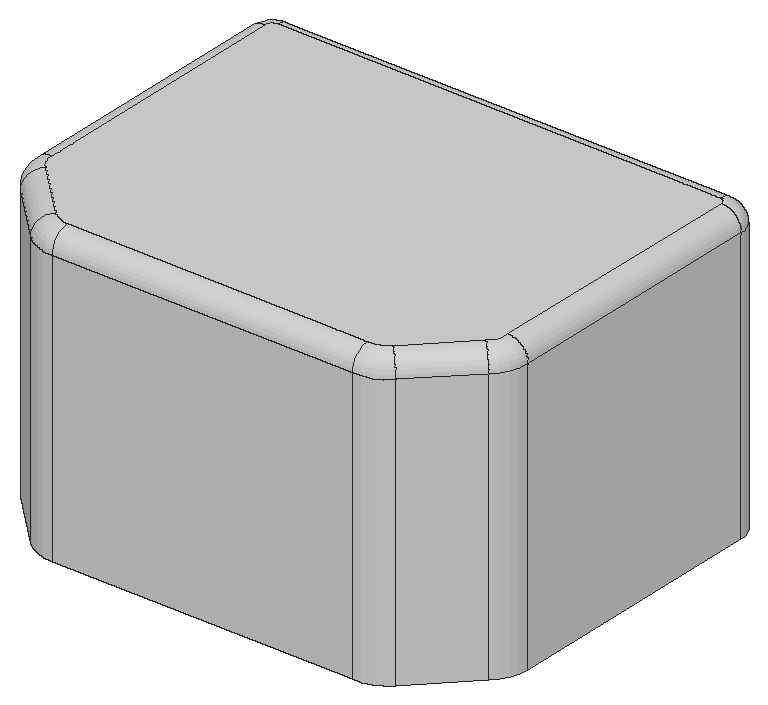
Revit family "NBS_Allermuir_OffcChrs_HavenBench_90ThreeWayUnit", category Furniture, Revit 2018
Family settings
  Work Plane-Based = No
  Always vertical = Yes
  Cut with Voids When Loaded = No
  Shared = No
  Room Calculation Point = No
Parameters
  WarrantyStartDate [instance] = "1900-12-31T23:59:59"
  WarrantyGuarantorParts = "sales@allermuir.com"
  WarrantyGuarantorLabor = "n/a"
  WarrantyDurationUnit = "year"
  WarrantyDurationParts = "5"
  WarrantyDurationLabor = "n/a"
  WarrantyDescription = "Allermuir warrant that its manufactured products are free from manufacturing defects - in materials or workmanship - for a period of five (5) years. , Allermuir will repair, or replace (at Allermuir's sole discretion) with comparable free of charge materials / components, any product / component which fails under normal use in a single shift environment, as a result of a defect in the materials and/ or workmanship"
  Version = "1"  # constant formula
  Usage = "Can be used individually or linked with others within the range"
  Uniclass2015Version = "Products v1.15"
  Uniclass2015Title = "Office chairs"
  Uniclass2015Code = "Pr_40_50_12_57"
  TagNumber [instance] = "n/a"
  SustainabilityPerformance = "n/a"
  Style = "Corner unit"
  Status = "UNSET"
  Size = "660 x 450 x 760 mm"
  Shape = "n/a"
  SerialNumber [instance] = "n/a"
  Revision = "n/a"
  ReplacementCost = "n/a"
  Reference = "n/a"
  ProductInformation = "https://www.allermuir.com/products/sofas/haven"
  NominalWidth = 0 mm
  NominalLength = 760 mm
  NominalHeight = 450 mm
  NominalDepth = 660 mm
  Name = "OfficeChairs_HAB3WC90_Haven_Allermuir"
  NBSReference = "45-35-20/330"
  NBSDescription = "Office chairs"
  NBSCertification = "www.nationalbimlibrary.com/cert/tp3flcvf"
  ModelReference = "Haven_Bench"
  ModelNumber = "HAB3WC90"
  Material = "n/a"
  ManufacturerURL = "www.allermuir.co.uk"
  ManufacturerName = "Allermuir"  # constant formula
  Manufacturer = "sales@allermuir.com"
  MainColor = "n/a"
  IsBuiltIn = no
  InstallationDate [instance] = "1900-12-31T23:59:59"
  IfcExportType = "BENCH"  # constant formula
  IfcExportAs = "IfcFurnitureType"  # constant formula
  Grade = "n/a"
  Finish = "Fully uplholstered"
  FeetMaterial = NBS_Allermuir_Plastic_Black
  Features = "Traditional carcass construction, Fully upholstered bench with quilted detail, Plastic glides, Linking device"
  ExpectedLife = "10"
  DurationUnit = "year"
  Description = "90° three way corner unit"
  Constituents = "n/a"
  Color = "n/a"
  CodePerformance = "n/a"
  Category = "Pr_40_50_12_57:Office chairs"
  BenchMaterial = NBS_Allermuir_Fabric
  BarCode [instance] = "n/a"
  BIMObjectName = "NBS_Allermuir_OfficeChairs_Haven_Bench_HAB3WC90"
  Author = "NBS"  # constant formula
  AssetType = "Movable"
  AssetIdentifier [instance] = "n/a"
  AccessibilityPerformance = "n/a"
Reference planes
  plane 1 "Center (Front/Back)": y = 0
  plane 2: z = 0
  plane 3 "Center (Left/Right)": x = 0
  plane 4 "Left": x = -380
  plane 5 "Right": x = 380
  plane 6 "Back": y = 273.827
  plane 7 "Front": y = -325
  plane 8 "Top": z = 480
Forms (mm)
  Extrusion 1, solid, material "NBS_Allermuir_Fabric" <- "BenchMaterial", detail levels medium+fine
    sketch origin (0, 0, 0) x (1, 0, 0) y (0, 1, 0)
      loop
        line (-380, 233.827) -> (-380, -175.563)
        arc (-380, -175.563) -> (-374.672, -202.351) -> (-359.497, -225.06) r 70
        line (-359.497, -225.06) -> (-280.06, -304.497)
        arc (-280.06, -304.497) -> (-257.351, -319.672) -> (-230.563, -325) r 70
        line (-230.563, -325) -> (230.563, -325)
        arc (230.563, -325) -> (257.351, -319.672) -> (280.06, -304.497) r 70
        line (280.06, -304.497) -> (359.497, -225.06)
        arc (359.497, -225.06) -> (374.672, -202.351) -> (380, -175.563) r 70
        line (380, -175.563) -> (380, 233.827)
        arc (380, 233.827) -> (368.284, 262.111) -> (340, 273.827) r 40
        line (340, 273.827) -> (-340, 273.827)
        arc (-340, 273.827) -> (-368.284, 262.111) -> (-380, 233.827) r 40
    from 29 to 480
  Sweep 2, void
    path in 3D
      loop
        arc (230.563, -325, 480) -> (257.351, -319.672, 480) -> (280.06, -304.497, 480) r 70
        line (280.06, -304.497, 480) -> (359.497, -225.06, 480)
        arc (359.497, -225.06, 480) -> (374.672, -202.351, 480) -> (380, -175.563, 480) r 70
        line (380, -175.563, 480) -> (380, 233.827, 480)
        arc (380, 233.827, 480) -> (368.284, 262.111, 480) -> (340, 273.827, 480) r 40
        line (340, 273.827, 480) -> (-340, 273.827, 480)
        arc (-340, 273.827, 480) -> (-368.284, 262.111, 480) -> (-380, 233.827, 480) r 40
        line (-380, 233.827, 480) -> (-380, -175.563, 480)
        arc (-380, -175.563, 480) -> (-374.672, -202.351, 480) -> (-359.497, -225.06, 480) r 70
        line (-359.497, -225.06, 480) -> (-280.06, -304.497, 480)
        arc (-280.06, -304.497, 480) -> (-257.351, -319.672, 480) -> (-230.563, -325, 480) r 70
        line (-230.563, -325, 480) -> (230.563, -325, 480)
    profile origin (0, -325, 480) x (0, 1, 0) y (0, 0, 1)
      loop
        line (30, 0) -> (0, 0) -> (0, -30)
        arc (0, -30) -> (8.787, -8.787) -> (30, 0) r 30
  Extrusion 3, solid, material "NBS_Allermuir_Fabric" <- "BenchMaterial", detail levels coarse
    sketch origin (0, 0, 0) x (1, 0, 0) y (0, 1, 0)
      loop
        line (-380, 325) -> (-380, -202.487)
        arc (-380, -202.487) -> (-379.619, -204.4) -> (-378.536, -206.022) r 5
        line (-378.536, -206.022) -> (-261.022, -323.536)
        arc (-261.022, -323.536) -> (-259.4, -324.619) -> (-257.487, -325) r 5
        line (-257.487, -325) -> (257.487, -325)
        arc (257.487, -325) -> (259.4, -324.619) -> (261.022, -323.536) r 5
        line (261.022, -323.536) -> (378.536, -206.022)
        arc (378.536, -206.022) -> (379.619, -204.4) -> (380, -202.487) r 5
        line (380, -202.487) -> (380, 325) -> (-380, 325)
    from 0 to 480
  Extrusion 4, solid, material "NBS_Allermuir_Plastic_Black" <- "FeetMaterial", detail levels medium+fine
    sketch origin (0, 0, 0) x (1, 0, 0) y (0, 1, 0)
      loop
        line (-341.826, 253.827) -> (-341.826, 191.941) -> (-280.288, 191.941) -> (-280.288, 253.827) -> (-341.826, 253.827)
      loop
        line (341.826, 253.827) -> (280.288, 253.827) -> (280.288, 191.941) -> (341.826, 191.941) -> (341.826, 253.827)
      loop
        line (-258.356, -248.077) -> (-214.842, -204.564) -> (-258.602, -160.804) -> (-302.115, -204.318) -> (-258.356, -248.077)
      loop
        line (258.356, -248.077) -> (302.115, -204.318) -> (258.602, -160.804) -> (214.842, -204.564) -> (258.356, -248.077)
    from 0 to 29
Cuts and joins
  Sweep 2 cuts Extrusion 1
Lines and regions (mm)
  sketch lines
    curve 1: line (-230.563, -325, 480) -> (230.563, -325, 480)
    curve 2: arc (280.06, -304.497, 480) -> (257.351, -319.672, 480) -> (230.563, -325, 480) r 70
    curve 3: line (280.06, -304.497, 480) -> (359.497, -225.06, 480)
    curve 4: arc (380, -175.563, 480) -> (374.672, -202.351, 480) -> (359.497, -225.06, 480) r 70
    curve 5: arc (340, 273.827, 480) -> (368.284, 262.111, 480) -> (380, 233.827, 480) r 40
    curve 6: line (380, -175.563, 480) -> (380, 233.827, 480)
    curve 7: line (340, 273.827, 480) -> (-340, 273.827, 480)
    curve 8: arc (-380, 233.827, 480) -> (-368.284, 262.111, 480) -> (-340, 273.827, 480) r 40
    curve 9: line (-380, 233.827, 480) -> (-380, -175.563, 480)
    curve 10: arc (-359.497, -225.06, 480) -> (-374.672, -202.351, 480) -> (-380, -175.563, 480) r 70
    curve 11: line (-359.497, -225.06, 480) -> (-280.06, -304.497, 480)
    curve 12: arc (-230.563, -325, 480) -> (-257.351, -319.672, 480) -> (-280.06, -304.497, 480) r 70
Dimensions and locks
  aligned and locked: level to plane 2
  aligned and locked: Extrusion 1 sketch curve to plane 4 "Left"
  aligned and locked: plane 5 "Right" to Extrusion 1 sketch curve
  aligned and locked: Extrusion 1 sketch curve to plane 6 "Back"
  aligned and locked: plane 7 "Front" to Extrusion 1 sketch curve
  aligned and locked: plane 8 "Top" to Extrusion 1
  aligned and locked: Extrusion 1 to Sweep 2 sketch curve
  aligned and locked: profile plane to Sweep 2 sketch curve
  aligned and locked: plane 8 "Top" to Extrusion 3
